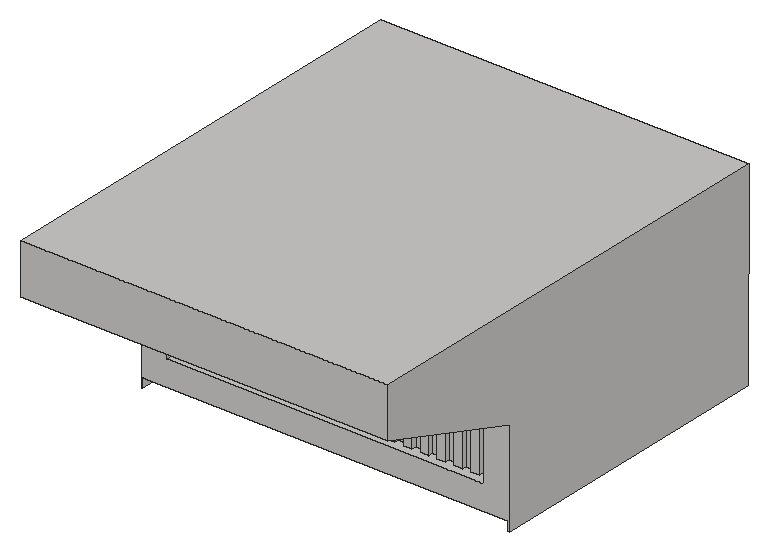
Revit family "QF_ZANUSSI_922727_HOCOST61011", category Specialty Equipment, Revit 2021
Family settings
  Round Connector Dimension = Use Diameter
  Part Type = Normal
  Work Plane-Based = No
  Always vertical = Yes
  Cut with Voids When Loaded = No
  Shared = No
  Room Calculation Point = No
Parameters
  Weight = 78.00 kg
  Watts = 0 W
  Volts = 220 V
  URL Manufacturer = "http://www.zanussiprofessional.com"
  URL = "http://www.zanussiprofessional.com"
  Steam Supply Size = 0 mm
  Steam Supply Minimum Pressure = 0.0 Pa
  Steam Supply Maximum Pressure = 0.0 Pa
  Steam Pounds per Hour = 0
  Show Logo [instance] = yes
  Show Clearance [instance] = yes
  Refrigeration Suction Line Size = 0 mm
  Refrigeration Liquid Line Size = 0 mm
  Refrigerant Compressor Remote = yes
  Manufacturer = "Zanussi"
  Phase = 1
  Model = "HOCS11E"
  Length Actual = 875 mm
  Item Number = "922727"
  Hot Water Size = 0 mm
  Height Actual = 450 mm
  HP = "0.5 HP"
  Gas Size = 0 mm
  Gas KW = 0
  Gas Input Pressure = 0 W
  Direct Waste Size = 20 mm
  Description = "CONDENSATION HOOD WITH FAN FOR STACKING 6+6&10 GN 1/1 ELECTRIC OVENS"
  Depth Actual = 1191 mm
  Default Elevation = 0 mm
  Cycle = 50 Hz
  Condensate Return Size = 0 mm
  Compressed Air Volume = 0.0 L/s
  Compressed Air Size = 0 mm
  Compressed Air Pressure = 0.0 Pa
  Cold Water Size = 0 mm
  Accessory = no
Reference planes
  plane 1 "Center X": y = 92.351
  plane 2: z = 0
  plane 3 "Center Y": x = -326.5
  plane 4 "LEFT": x = -760
  plane 5 "BACK": y = 479.851
  plane 6 "RIGHT": x = 107
  plane 7 "FRONT": y = -295.149
  plane 8 "TOP": z = 1728
  plane 9: y = -590.149
  plane 10: x = -764
  plane 11: x = 111
  plane 12: z = 2178
Forms (mm)
  Extrusion 1, solid, material "QF_Clearance", visible <- "Show Clearance", detail levels coarse
    sketch origin (0, 0, 0) x (1, 0, 0) y (0, 1, 0)
      loop
        line (-764, 479.851) -> (111, 479.851) -> (111, 629.851) -> (-764, 629.851) -> (-764, 479.851)
    from 1707 to 2178
  Extrusion 2, solid, material "QF_Clearance", visible <- "Show Clearance", detail levels coarse
    sketch origin (-1150.39, -1524, 2178) x (-1, 0, 0) y (0, -1, 0)
      loop
        line (-386.39, -933.851) -> (-1261.39, -933.851) -> (-1261.39, -2153.851) -> (-386.39, -2153.851) -> (-386.39, -933.851)
    from 450 to 0
  Extrusion 3, solid, material "QF_Finishes_Stainless Steel"
    sketch origin (-764, 902.856, 4000) x (0, 1, 0) y (0, 0, 1)
      loop
        line (-423.005, -2272) -> (-423.005, -1822) -> (-1493.005, -1822) -> (-1493.005, -1942.064) -> (-1133.005, -2066.021) -> (-1133.005, -2272) -> (-423.005, -2272)
    from 60 to 0
  Extrusion 4, solid, material "QF_Finishes_Stainless Steel"
    sketch origin (111, 902.856, 4000) x (0, 1, 0) y (0, 0, 1)
      loop
        line (-423.005, -2272) -> (-423.005, -1822) -> (-1493.005, -1822) -> (-1493.005, -1942.064) -> (-1133.005, -2066.021) -> (-1133.005, -2272) -> (-423.005, -2272)
    from -60 to 0
  Extrusion 5, solid, material "QF_Finishes_Stainless Steel"
    sketch origin (-326.5, 0, 0) x (0, 1, 0) y (0, 0, 1)
      loop
        line (479.851, 1728) -> (479.851, 2178) -> (-590.149, 2178) -> (-590.149, 2057.936) -> (-210.149, 2057.936) -> (-210.149, 1788) -> (-230.149, 1788) -> (-230.149, 1728) -> (479.851, 1728)
    from -377.5 to 377.5
  Extrusion 6, solid, material "QF_Finishes_Stainless Steel"
    sketch origin (0, -295.149, 0) x (-1, 0, 0) y (0, 0, 1)
      loop
        line (764, 1728) -> (760, 1728) -> (760, 1707) -> (764, 1707) -> (764, 1728)
      loop
        line (-107, 1728) -> (-111, 1728) -> (-111, 1707) -> (-107, 1707) -> (-107, 1728)
    from 65 to 775
  Extrusion 7, solid, material "QF_Finishes_Stainless Steel"
    sketch origin (0, 479.851, 0) x (-1, 0, 0) y (0, 0, 1)
      loop
        circle (-86, 2113) r 8
      loop
        circle (326.5, 1746) r 7
    from 0 to 20
  Extrusion 8, solid, material "QF_Finishes_Stainless Steel"
    sketch origin (-764, 902.856, 4000) x (0, 1, 0) y (0, 0, 1)
      loop
        line (-302.005, -2270.064) -> (-302.005, -2125.063) -> (-423.005, -2004.063) -> (-423.005, -2270.064) -> (-302.005, -2270.064)
    from 365 to 50
  Extrusion 9, void
    sketch origin (0, 0, 0) x (1, 0, 0) y (0, 1, 0)
      loop
        line (-696.5, -200.149) -> (-696.5, -210.149) -> (-676.5, -210.149) -> (-676.5, -200.149) -> (-696.5, -200.149)
      loop
        line (-656.5, -200.149) -> (-656.5, -210.149) -> (-636.5, -210.149) -> (-636.5, -200.149) -> (-656.5, -200.149)
      loop
        line (-616.5, -200.149) -> (-616.5, -210.149) -> (-596.5, -210.149) -> (-596.5, -200.149) -> (-616.5, -200.149)
      loop
        line (-576.5, -200.149) -> (-576.5, -210.149) -> (-556.5, -210.149) -> (-556.5, -200.149) -> (-576.5, -200.149)
      loop
        line (-536.5, -200.149) -> (-536.5, -210.149) -> (-516.5, -210.149) -> (-516.5, -200.149) -> (-536.5, -200.149)
      loop
        line (-496.5, -200.149) -> (-496.5, -210.149) -> (-476.5, -210.149) -> (-476.5, -200.149) -> (-496.5, -200.149)
      loop
        line (-456.5, -200.149) -> (-456.5, -210.149) -> (-436.5, -210.149) -> (-436.5, -200.149) -> (-456.5, -200.149)
      loop
        line (-416.5, -200.149) -> (-416.5, -210.149) -> (-396.5, -210.149) -> (-396.5, -200.149) -> (-416.5, -200.149)
      loop
        line (-376.5, -200.149) -> (-376.5, -210.149) -> (-356.5, -210.149) -> (-356.5, -200.149) -> (-376.5, -200.149)
      loop
        line (-336.5, -200.149) -> (-336.5, -210.149) -> (-316.5, -210.149) -> (-316.5, -200.149) -> (-336.5, -200.149)
      loop
        line (-296.5, -200.149) -> (-296.5, -210.149) -> (-276.5, -210.149) -> (-276.5, -200.149) -> (-296.5, -200.149)
      loop
        line (-256.5, -200.149) -> (-256.5, -210.149) -> (-236.5, -210.149) -> (-236.5, -200.149) -> (-256.5, -200.149)
      loop
        line (-216.5, -200.149) -> (-216.5, -210.149) -> (-196.5, -210.149) -> (-196.5, -200.149) -> (-216.5, -200.149)
      loop
        line (-176.5, -200.149) -> (-176.5, -210.149) -> (-156.5, -210.149) -> (-156.5, -200.149) -> (-176.5, -200.149)
      loop
        line (-136.5, -200.149) -> (-136.5, -210.149) -> (-116.5, -210.149) -> (-116.5, -200.149) -> (-136.5, -200.149)
      loop
        line (-96.5, -200.149) -> (-96.5, -210.149) -> (-76.5, -210.149) -> (-76.5, -200.149) -> (-96.5, -200.149)
      loop
        line (-56.5, -200.149) -> (-56.5, -210.149) -> (-36.5, -210.149) -> (-36.5, -200.149) -> (-56.5, -200.149)
      loop
        line (-16.5, -200.149) -> (-16.5, -210.149) -> (3.5, -210.149) -> (3.5, -200.149) -> (-16.5, -200.149)
      loop
        line (23.5, -200.149) -> (23.5, -210.149) -> (43.5, -210.149) -> (43.5, -200.149) -> (23.5, -200.149)
    from 1788 to 2057.936
Cuts and joins
  joined: Extrusion 1, Extrusion 2
  Extrusion 9 cuts Extrusion 3
  Extrusion 9 cuts Extrusion 4
  Extrusion 9 cuts Extrusion 5
  Extrusion 9 cuts Extrusion 6
  Extrusion 9 cuts Extrusion 7
  Extrusion 9 cuts Extrusion 8
  joined: Extrusion 3, Extrusion 4, Extrusion 5, Extrusion 6, Extrusion 7, Extrusion 8
Lines and regions (mm)
  symbolic lines, style "QF_Clearances", visible <- "Show Clearance"
    curve 1: line (111, 629.851, 0) -> (-764, 629.851, 0)
  symbolic lines, style "Linee tratto punto"
    curve 2: line (-764, 479.851, 0) -> (111, 479.851, 0)
    curve 3: line (-764, -590.149, 0) -> (-764, 479.851, 0)
    curve 4: line (111, -590.149, 0) -> (-764, -590.149, 0)
    curve 5: line (111, 479.851, 0) -> (111, -590.149, 0)
    curve 6: line (-714, 600.851, 0) -> (-714, 479.851, 0)
    curve 7: line (-399, 600.851, 0) -> (-714, 600.851, 0)
    curve 8: line (-399, 479.851, 0) -> (-399, 600.851, 0)
    curve 19: line (-764, -590.149, 0) -> (111, 479.851, 0)
    curve 20: line (-764, 479.851, 0) -> (111, -590.149, 0)
  symbolic lines
    curve 9: line (-333.5, 499.851, 0) -> (-319.5, 499.851, 0)
    curve 10: line (-319.5, 499.851, 0) -> (-319.5, 479.851, 0)
    curve 11: line (-333.5, 499.851, 0) -> (-333.5, 479.851, 0)
    curve 12: line (94, 499.851, 0) -> (94, 479.851, 0)
    curve 13: line (94, 499.851, 0) -> (78, 499.851, 0)
    curve 14: line (78, 499.851, 0) -> (78, 479.851, 0)
  symbolic lines, style "SpecialityEquipmentHiddenLines"
    curve 15: line (-334, 338.851, 0) -> (-34, 338.851, 0)
    curve 16: line (-334, 38.851, 0) -> (-334, 338.851, 0)
    curve 17: line (-34, 38.851, 0) -> (-334, 38.851, 0)
    curve 18: line (-34, 338.851, 0) -> (-34, 38.851, 0)
Dimensions and locks
  equal spacing: plane 4 "LEFT", plane 3 "Center Y", plane 6 "RIGHT"
  plane 10 to plane 11 = 875 mm
  plane 5 "BACK" to plane 9 = 1070 mm
  equal spacing: plane 5 "BACK", plane 1 "Center X", plane 7 "FRONT"
  locked: plane 10 to plane 4 "LEFT" at 4
  locked: plane 6 "RIGHT" to plane 11 at 4
  cut or joined group of Extrusion 3, Extrusion 4, Extrusion 5, Extrusion 6, Extrusion 7, Extrusion 8, Extrusion 9 to Extrusion 7 sketch curve = 39 mm
  Extrusion 7 sketch curve to plane 12 = 65 mm
  plane 11 to Extrusion 7 sketch curve = 25 mm
  aligned and locked: level to plane 2
Automatic sketch dimensions
  Extrusion 1 sketch curve to plane 10 = 0 mm
  Extrusion 1 sketch curve to plane 11 = 0 mm
  Extrusion 1 sketch curve to plane 5 "BACK" = 0 mm
  plane 5 "BACK" to Extrusion 1 sketch curve = 150 mm
  Extrusion 2 sketch curve to plane 9 = 0 mm
  Extrusion 2 sketch curve to plane 11 = 0 mm
  Extrusion 2 sketch curve to plane 10 = 0 mm
  plane 5 "BACK" to Extrusion 2 sketch curve = 150 mm
  Extrusion 5 sketch curve to plane 9 = 0 mm
  Extrusion 5 sketch curve to plane 8 "TOP" = 0 mm
  Extrusion 5 sketch curve to plane 5 "BACK" = 0 mm
  Extrusion 5 sketch curve to plane 12 = 0 mm
  plane 7 "FRONT" to Extrusion 5 sketch curve = 65 mm
  plane 7 "FRONT" to Extrusion 5 sketch curve = 85 mm
  plane 8 "TOP" to Extrusion 5 sketch curve = 60 mm
  Extrusion 5 sketch curve to plane 12 = 120.064 mm
  Extrusion 6 sketch curve to plane 8 "TOP" = 0 mm  (x2)
  Extrusion 6 sketch curve to plane 11 = 0 mm
  Extrusion 6 sketch curve to plane 6 "RIGHT" = 0 mm
  Extrusion 6 sketch curve to plane 4 "LEFT" = 0 mm
  Extrusion 6 sketch curve to plane 10 = 0 mm
  Extrusion 6 sketch curve to plane 8 "TOP" = 21 mm
  Extrusion 6 sketch curve to Extrusion 6 sketch curve = 21 mm
  Extrusion 7 sketch curve to plane 3 "Center Y" = 0 mm
  Extrusion 8 sketch curve to plane 5 "BACK" = 0 mm
  plane 8 "TOP" to Extrusion 8 sketch curve = 1.937 mm
  plane 5 "BACK" to Extrusion 8 sketch curve = 121 mm
  Extrusion 8 sketch curve to Extrusion 8 sketch curve = 145 mm
  Extrusion 8 sketch curve to Extrusion 8 sketch curve = 121 mm
  curve 1 to plane 10 = 0 mm
  curve 4 to plane 10 = 0 mm
  curve 1 to plane 11 = 0 mm
  curve 19 to plane 5 "BACK" = 0 mm
  curve 19 to plane 11 = 0 mm
  curve 5 to plane 9 = 0 mm
  plane 4 "LEFT" to curve 6 = 46 mm
  curve 8 to plane 3 "Center Y" = 72.5 mm
  curve 11 to plane 3 "Center Y" = 7 mm
  plane 3 "Center Y" to curve 9 = 7 mm
  curve 15 to plane 3 "Center Y" = 7.5 mm
  curve 18 to plane 6 "RIGHT" = 141 mm
  curve 14 to plane 6 "RIGHT" = 29 mm
  curve 12 to plane 6 "RIGHT" = 13 mm
  plane 1 "Center X" to curve 17 = 53.5 mm
  curve 15 to plane 5 "BACK" = 141 mm
  curve 12 to curve 13 = 20 mm
  plane 5 "BACK" to curve 11 = 20 mm
  plane 5 "BACK" to curve 7 = 121 mm
  curve 12 to curve 1 = 130 mm
  Extrusion 4 sketch curve to plane 9 = 0 mm
  Extrusion 4 sketch curve to plane 8 "TOP" = 0 mm
  Extrusion 4 sketch curve to plane 5 "BACK" = 0 mm
  Extrusion 4 sketch curve to plane 12 = 0 mm
  plane 7 "FRONT" to Extrusion 4 sketch curve = 65 mm
  plane 8 "TOP" to Extrusion 4 sketch curve = 205.979 mm
  Extrusion 4 sketch curve to Extrusion 4 sketch curve = 120.064 mm
  Extrusion 3 sketch curve to plane 9 = 0 mm
  Extrusion 3 sketch curve to plane 8 "TOP" = 0 mm
  Extrusion 3 sketch curve to plane 5 "BACK" = 0 mm
  Extrusion 3 sketch curve to plane 12 = 0 mm
  plane 7 "FRONT" to Extrusion 3 sketch curve = 65 mm
  plane 8 "TOP" to Extrusion 3 sketch curve = 205.979 mm
  Extrusion 3 sketch curve to Extrusion 3 sketch curve = 120.064 mm
  plane 4 "LEFT" to Extrusion 9 sketch curve = 63.5 mm
  Extrusion 9 sketch curve to Extrusion 9 sketch curve = 20 mm  (x35)
  Extrusion 9 sketch curve to plane 3 "Center Y" = 30 mm
  Extrusion 9 sketch curve to plane 3 "Center Y" = 10 mm
  plane 7 "FRONT" to Extrusion 9 sketch curve = 85 mm  (x2)
  Extrusion 9 sketch curve to Extrusion 9 sketch curve = 0 mm  (x17)
  Extrusion 9 sketch curve to Extrusion 9 sketch curve = 10 mm  (x19)
  radius of Extrusion 7 sketch curve = 8 mm
  radius of Extrusion 7 sketch curve = 7 mm
Connectors
  electrical at (86, 499.851, 2113)
    settings: on cut or joined group of Extrusion 3, Extrusion 4, Extrusion 5, Extrusion 6, Extrusion 7, Extrusion 8, Extrusion 9, index 1, voltage 0 V, apparent load 0 VA, apparent load phase1 0 VA, apparent load phase2 0 VA, apparent load phase3 0 VA, power factor 1, load classification "Altro", number of poles 1, system type 30, power factor state 1, is connector primary yes, connector utility no, sub classification motor no, connector description "Electrical Connection"
  piping at (-326.5, 499.851, 1746), diameter 14
    settings: on cut or joined group of Extrusion 3, Extrusion 4, Extrusion 5, Extrusion 6, Extrusion 7, Extrusion 8, Extrusion 9, index 2, connector inside diameter 609.6 mm, connector length 0 mm, flow factor 0, pipe flow 0.0 L/s, pressure drop 0.0 Pa, fitting loss kfactor 0, connector angle 0.00°, fixture units 0, engagement length 0 mm, angle of deflection 0.00°, flow configuration 1, flow direction 2, fitting loss method 0, system type 16, joint type 0, gender type 0, connector reference index -1, connector utility 0, adjustable connector no, is connector primary yes, connector description "Drain"
